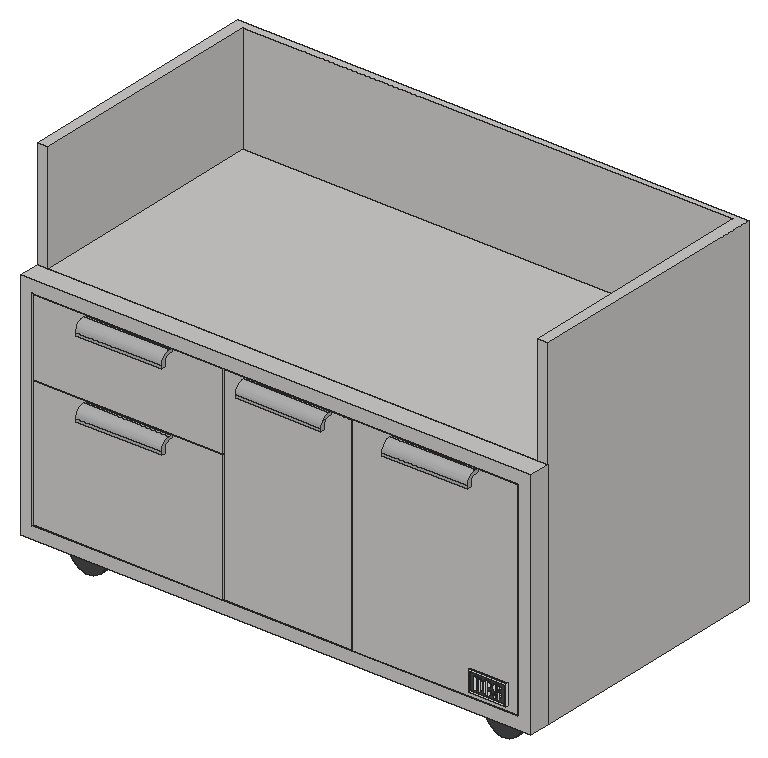
Revit family "DCS_Revit_18_CAD1-48E_Storage_593505A", category Specialty Equipment, Revit 2018
Family settings
  Round Connector Dimension = Use Diameter
  Part Type = Normal
  OmniClass Number = 23.40.40.14.17.21
  OmniClass Title = Grills
  Work Plane-Based = No
  Always vertical = Yes
  Cut with Voids When Loaded = Yes
  Shared = No
  Room Calculation Point = No
Parameters (values of type "CAD1-48E")
  Visibility - Clearance Required = yes
  URL = "www.dcsappliances.com"
  Product - Width = 1219 mm  # constant formula
  Product - Height = 902 mm  # constant formula
  Product - Depth = 678 mm  # constant formula
  Model = "CAD1-48E"
  Material - Handle = DCS - Aluminium
  Material - Body = DCS - Stainless Steel
  Manufacturer = "Fisher & Paykel"
  Keynote = ""
  Description = "48\" Professional Grill Cart"
  Connector Description - Gas = "Refer to the Grill installation guide/user guide for gas connection instructions"
  Connector Description - Electrical = "120 V, 15A, GFI (Ground Fault Interrupter)"
  Chassis - Width = 1219 mm  # constant formula
  Chassis - Height = 816 mm  # constant formula
  Chassis - Depth = 648 mm  # constant formula
Reference planes
  plane 1 "Center (Front/Back)": y = 0
  plane 2: z = 0
  plane 3 "Center (Left/Right)": x = 0
  plane 4 "Product LHS": x = -609.5
  plane 5 "Product RHS": x = 609.5
  plane 6 "Product - Depth": y = 648
  plane 7 "Product - Front": y = -30
  plane 8 "Product - Height": z = 902
  plane 9 "Chassis": z = 86
Forms (mm)
  Extrusion 1, solid, material "DCS - Stainless Steel" <- "Material - Body"
    sketch origin (0, 0, 0) x (1, 0, 0) y (0, 0, 1)
      loop
        line (-609.5, 642) -> (-609.5, 86) -> (609.5, 86) -> (609.5, 642) -> (-609.5, 642)
      loop
        line (580.9, 114.6) -> (580.9, 613.4) -> (-580.9, 613.4) -> (-580.9, 114.6) -> (580.9, 114.6)
      loop
        line (-577.7, 610.263) -> (-577.7, 429.263) -> (-125.7, 429.263) -> (-125.7, 610.263) -> (-577.7, 610.263)
      loop
        line (-577.7, 117.737) -> (-125.7, 117.737) -> (-125.7, 426.063) -> (-577.7, 426.063) -> (-577.7, 117.737)
      loop
        line (577.3, 117.737) -> (577.3, 610.263) -> (184.7, 610.263) -> (184.7, 117.737) -> (577.3, 117.737)
      loop
        line (-122.5, 610.263) -> (-122.5, 117.737) -> (181.5, 117.737) -> (181.5, 610.263) -> (-122.5, 610.263)
    from -51 to 0
  Extrusion 2, solid, material "DCS - Aluminium" <- "Material - Handle"
    sketch origin (0, 0, 0) x (0, 1, 0) y (0, 0, 1)
      loop
        arc (-6.134, 610.263) -> (-22.968, 603.705) -> (-30, 587.063) r 23.209
        line (-30, 587.063) -> (-30, 580.383) -> (-20.87, 580.383) -> (-20.87, 594.753)
        arc (-20.87, 594.753) -> (-14.896, 601.006) -> (-6.56, 603.308) r 16.245
        line (-6.56, 603.308) -> (0, 603.308) -> (0, 610.263) -> (-6.134, 610.263)
      loop
        arc (-6.134, 426.063) -> (-22.968, 419.505) -> (-30, 402.863) r 23.209
        line (-30, 402.863) -> (-30, 396.183) -> (-20.87, 396.183) -> (-20.87, 410.553)
        arc (-20.87, 410.553) -> (-14.896, 416.806) -> (-6.56, 419.108) r 16.245
        line (-6.56, 419.108) -> (0, 419.108) -> (0, 426.063) -> (-6.134, 426.063)
    from -452.8 to -248.8
  Extrusion 3, solid, material "DCS - Aluminium" <- "Material - Handle"
    sketch origin (0, 0, 0) x (0, 1, 0) y (0, 0, 1)
      loop
        arc (-6.134, 610.263) -> (-22.968, 603.705) -> (-30, 587.063) r 23.209
        line (-30, 587.063) -> (-30, 580.383) -> (-20.87, 580.383) -> (-20.87, 594.753)
        arc (-20.87, 594.753) -> (-14.896, 601.006) -> (-6.56, 603.308) r 16.245
        line (-6.56, 603.308) -> (0, 603.308) -> (0, 610.263) -> (-6.134, 610.263)
    from -72 to 132
  Extrusion 4, solid, material "DCS - Aluminium" <- "Material - Handle"
    sketch origin (0, 0, 0) x (0, 1, 0) y (0, 0, 1)
      loop
        arc (-6.134, 610.263) -> (-22.968, 603.705) -> (-30, 587.063) r 23.209
        line (-30, 587.063) -> (-30, 580.383) -> (-20.87, 580.383) -> (-20.87, 594.753)
        arc (-20.87, 594.753) -> (-14.896, 601.006) -> (-6.56, 603.308) r 16.245
        line (-6.56, 603.308) -> (0, 603.308) -> (0, 610.263) -> (-6.134, 610.263)
    from 277.8 to 481.8
  Extrusion 5, solid, material "DCS - Stainless Steel" <- "Material - Body"
    sketch origin (0, 0, 0) x (0, 1, 0) y (0, 0, 1)
      loop
        line (51, 86) -> (648, 86) -> (648, 902) -> (51, 902) -> (51, 86)
    from -609.5 to 609.5
  Extrusion 6, void
    sketch origin (0, 0, 0) x (1, 0, 0) y (0, 0, 1)
      loop
        line (-584.008, 902) -> (-584.008, 642) -> (584.008, 642) -> (584.008, 902) -> (-584.008, 902)
    from -633 to -51
  Extrusion 7, void
    sketch origin (0, 0, 0) x (1, 0, 0) y (0, 0, 1)
      loop
        circle (374.576, 311) r 25
    from -648 to -600
  Extrusion 8, solid, material "DCS - Black"
    sketch origin (0, 0, 0) x (1, 0, 0) y (0, 0, 1)
      loop
        circle (479.5, 45) r 45
      loop
        circle (-512.5, 45) r 45
    from -118.5 to -81.5
  Extrusion 9, solid, material "DCS - Black"
    sketch origin (0, 0, 0) x (1, 0, 0) y (0, 0, 1)
      loop
        circle (479.5, 45) r 45
      loop
        circle (-512.5, 45) r 45
    from -615 to -581.5
  Extrusion 10, solid, material "DCS - Stainless Steel" <- "Material - Body", detail levels fine
    sketch origin (0, 0, 0) x (1, 0, 0) y (0, 0, 1)
      loop
        line (-534.49, 86) -> (-534.49, 64.3) -> (-522.833, 39.838)
        arc (-522.833, 39.838) -> (-512, 33) -> (-501.167, 39.838) r 12
        line (-501.167, 39.838) -> (-489.49, 64.3) -> (-489.49, 86) -> (-534.49, 86)
      loop
        line (472.5, 86) -> (472.5, 45)
        arc (472.5, 45) -> (478.094, 37.37) -> (487.053, 40.411) r 8
        line (487.053, 40.411) -> (518.975, 86) -> (472.5, 86)
    from -126 to -76
  Extrusion 11, solid, material "DCS - Stainless Steel" <- "Material - Body", detail levels fine
    sketch origin (0, 0, 0) x (1, 0, 0) y (0, 0, 1)
      loop
        line (-534.49, 86) -> (-534.49, 64.3) -> (-522.833, 39.838)
        arc (-522.833, 39.838) -> (-512, 33) -> (-501.167, 39.838) r 12
        line (-501.167, 39.838) -> (-489.49, 64.3) -> (-489.49, 86) -> (-534.49, 86)
      loop
        line (472.5, 86) -> (472.5, 45)
        arc (472.5, 45) -> (478.094, 37.37) -> (487.053, 40.411) r 8
        line (487.053, 40.411) -> (518.975, 86) -> (472.5, 86)
    from -620.5 to -576
  Extrusion 12, solid, material "DCS - Clearance Required", visible <- "Visibility - Clearance Required", detail levels coarse
    sketch origin (0, 0, 0) x (0, 1, 0) y (0, 0, 1)
      loop
        line (-470, 587.063) -> (-470, 580.383) -> (-440, 580.383) -> (-440, 426.063) -> (-447.447, 426.063)
        arc (-447.447, 426.063) -> (-463.433, 419.041) -> (-470, 402.863) r 23.209
        line (-470, 402.863) -> (-470, 396.183) -> (-440, 396.183) -> (-440, 117.737) -> (0, 117.737) -> (0, 610.273) -> (-440, 610.273) -> (-446.791, 610.273)
        arc (-446.791, 610.273) -> (-463.202, 603.475) -> (-470, 587.063) r 23.209
    from -577.7 to 577.3
Cuts and joins
  Extrusion 6, Extrusion 7 cuts Extrusion 1
  Extrusion 6, Extrusion 7 cuts Extrusion 5
Text (mm)
  text "Due to ongoing product development, product details are subject to change without notice. \nPlease always refer to www.fisherpaykel.com for the most current product information. \n© Fisher & Paykel Appliances Ltd 2020" at (40.13, -167.118, 0), in view "Ref. Level (Plan)"
Dimensions and locks
  "Product - Width": plane 4 "Product LHS" to plane 5 "Product RHS"
  "Product - Height": level to plane 8 "Product - Height"
  equal spacing: cut or joined group of Extrusion 5, Extrusion 6, Extrusion 7, plane 3 "Center (Left/Right)", cut or joined group of Extrusion 5, Extrusion 6, Extrusion 7
  plane 7 "Product - Front" to plane 1 "Center (Front/Back)" = 30 mm
  "Product - Depth": plane 6 "Product - Depth" to plane 7 "Product - Front"
  locked: plane 1 "Center (Front/Back)" to cut or joined group of Extrusion 5, Extrusion 6, Extrusion 7 at 51
  "Chassis - Depth": plane 6 "Product - Depth" to plane 1 "Center (Front/Back)"
  "Chassis - Height": plane 9 "Chassis" to plane 8 "Product - Height"
  Extrusion 11 to Extrusion 11 = 45 mm
  equal spacing: plane 4 "Product LHS", plane 3 "Center (Left/Right)", plane 5 "Product RHS"
  cut or joined group of Extrusion 1, Extrusion 6, Extrusion 7 to cut or joined group of Extrusion 1, Extrusion 6, Extrusion 7 = 452 mm
  cut or joined group of Extrusion 1, Extrusion 6, Extrusion 7 to cut or joined group of Extrusion 1, Extrusion 6, Extrusion 7 = 392.6 mm
  cut or joined group of Extrusion 1, Extrusion 6, Extrusion 7 to plane 5 "Product RHS" = 32.2 mm
  plane 4 "Product LHS" to cut or joined group of Extrusion 1, Extrusion 6, Extrusion 7 = 28.6 mm
  aligned and locked: level to plane 2
  aligned and locked: Extrusion 5 sketch curve to plane 6 "Product - Depth"
  aligned and locked: plane 8 "Product - Height" to Extrusion 5 sketch curve
  aligned and locked: plane 4 "Product LHS" to Extrusion 5
  aligned and locked: Extrusion 5 to plane 5 "Product RHS"
  aligned and locked: Extrusion 1 sketch curve to plane 4 "Product LHS"
  aligned and locked: plane 6 "Product - Depth" to Extrusion 7
  aligned and locked: cut or joined group of Extrusion 1, Extrusion 6, Extrusion 7 to Extrusion 5
  aligned and locked: Extrusion 5 to cut or joined group of Extrusion 1, Extrusion 6, Extrusion 7
  aligned and locked: plane 4 "Product LHS" to Extrusion 1
  aligned and locked: Extrusion 1 to plane 5 "Product RHS"
Automatic sketch dimensions
  plane 5 "Product RHS" to Extrusion 1 sketch curve = 0 mm
  Extrusion 1 sketch curve to plane 9 "Chassis" = 0 mm
  Extrusion 1 sketch curve to plane 4 "Product LHS" = 28.6 mm
  Extrusion 1 sketch curve to Extrusion 1 sketch curve = 3.2 mm  (x4)
  Extrusion 1 sketch curve to Extrusion 1 sketch curve = 0 mm  (x4)
  Extrusion 1 sketch curve to plane 3 "Center (Left/Right)" = 125.7 mm  (x2)
  Extrusion 1 sketch curve to plane 9 "Chassis" = 31.737 mm  (x2)
  plane 3 "Center (Left/Right)" to Extrusion 1 sketch curve = 181.5 mm
  plane 5 "Product RHS" to Extrusion 1 sketch curve = 32.2 mm
  Extrusion 1 sketch curve to Extrusion 1 sketch curve = 3.6 mm
  Extrusion 1 sketch curve to Extrusion 1 sketch curve = 3.137 mm  (x2)
  Extrusion 1 sketch curve to Extrusion 1 sketch curve = 308.326 mm
  Extrusion 1 sketch curve to Extrusion 1 sketch curve = 181 mm
  Extrusion 1 sketch curve to Extrusion 1 sketch curve = 28.6 mm
  Extrusion 2 sketch curve to plane 1 "Center (Front/Back)" = 0 mm  (x2)
  plane 1 "Center (Front/Back)" to Extrusion 2 sketch curve = 6.134 mm  (x2)
  plane 1 "Center (Front/Back)" to Extrusion 2 sketch curve = 6.791 mm  (x2)
  plane 1 "Center (Front/Back)" to Extrusion 2 sketch curve = 6.56 mm  (x2)
  plane 7 "Product - Front" to Extrusion 2 sketch curve = 9.13 mm  (x2)
  plane 7 "Product - Front" to Extrusion 2 sketch curve = 0 mm  (x2)
  Extrusion 2 sketch curve to plane 9 "Chassis" = 310.183 mm
  Extrusion 2 sketch curve to Extrusion 2 sketch curve = 6.681 mm  (x2)
  Extrusion 2 sketch curve to Extrusion 2 sketch curve = 0 mm  (x2)
  Extrusion 2 sketch curve to Extrusion 2 sketch curve = 7.689 mm  (x2)
  Extrusion 2 sketch curve to Extrusion 2 sketch curve = 154.32 mm
  Extrusion 3 sketch curve to plane 1 "Center (Front/Back)" = 0 mm
  plane 1 "Center (Front/Back)" to Extrusion 3 sketch curve = 6.134 mm
  plane 1 "Center (Front/Back)" to Extrusion 3 sketch curve = 6.791 mm
  plane 1 "Center (Front/Back)" to Extrusion 3 sketch curve = 6.56 mm
  plane 7 "Product - Front" to Extrusion 3 sketch curve = 9.13 mm
  plane 7 "Product - Front" to Extrusion 3 sketch curve = 0 mm
  plane 8 "Product - Height" to Extrusion 3 sketch curve = 321.617 mm
  Extrusion 3 sketch curve to Extrusion 3 sketch curve = 6.681 mm
  Extrusion 3 sketch curve to Extrusion 3 sketch curve = 0 mm
  Extrusion 3 sketch curve to Extrusion 3 sketch curve = 7.689 mm
  Extrusion 4 sketch curve to plane 1 "Center (Front/Back)" = 0 mm
  plane 1 "Center (Front/Back)" to Extrusion 4 sketch curve = 6.134 mm
  plane 1 "Center (Front/Back)" to Extrusion 4 sketch curve = 6.791 mm
  plane 1 "Center (Front/Back)" to Extrusion 4 sketch curve = 6.56 mm
  plane 7 "Product - Front" to Extrusion 4 sketch curve = 9.13 mm
  plane 7 "Product - Front" to Extrusion 4 sketch curve = 0 mm
  plane 8 "Product - Height" to Extrusion 4 sketch curve = 321.617 mm
  Extrusion 4 sketch curve to Extrusion 4 sketch curve = 6.681 mm
  Extrusion 4 sketch curve to Extrusion 4 sketch curve = 0 mm
  Extrusion 4 sketch curve to Extrusion 4 sketch curve = 7.689 mm
  plane 9 "Chassis" to Extrusion 5 sketch curve = 0 mm
  Extrusion 5 sketch curve to plane 1 "Center (Front/Back)" = 51 mm
  Extrusion 6 sketch curve to plane 8 "Product - Height" = 0 mm
  Extrusion 6 sketch curve to plane 4 "Product LHS" = 25.492 mm
  plane 5 "Product RHS" to Extrusion 6 sketch curve = 25.492 mm
  plane 8 "Product - Height" to Extrusion 6 sketch curve = 260 mm
  plane 5 "Product RHS" to Extrusion 7 sketch curve = 234.924 mm
  Extrusion 7 sketch curve to plane 9 "Chassis" = 225 mm
  plane 9 "Chassis" to Extrusion 8 sketch curve = 41 mm  (x2)
  plane 9 "Chassis" to Extrusion 9 sketch curve = 41 mm  (x2)
  Extrusion 9 sketch curve to plane 4 "Product LHS" = 97 mm
  plane 5 "Product RHS" to Extrusion 9 sketch curve = 130 mm
  Extrusion 10 sketch curve to plane 9 "Chassis" = 0 mm  (x2)
  plane 9 "Chassis" to Extrusion 10 sketch curve = 21.7 mm  (x2)
  Extrusion 10 sketch curve to plane 4 "Product LHS" = 75.01 mm
  level to Extrusion 10 sketch curve = 39.838 mm  (x2)
  Extrusion 10 sketch curve to Extrusion 10 sketch curve = 11.657 mm
  Extrusion 10 sketch curve to Extrusion 10 sketch curve = 10.833 mm
  Extrusion 10 sketch curve to Extrusion 10 sketch curve = 11.677 mm
  plane 5 "Product RHS" to Extrusion 10 sketch curve = 137 mm
  Extrusion 10 sketch curve to Extrusion 10 sketch curve = 8 mm
  level to Extrusion 10 sketch curve = 40.411 mm
  Extrusion 10 sketch curve to Extrusion 10 sketch curve = 6.553 mm
  Extrusion 10 sketch curve to Extrusion 10 sketch curve = 46.475 mm
  Extrusion 10 sketch curve to Extrusion 10 sketch curve = 5.162 mm
  Extrusion 11 sketch curve to plane 9 "Chassis" = 0 mm  (x2)
  plane 9 "Chassis" to Extrusion 11 sketch curve = 21.7 mm  (x2)
  Extrusion 11 sketch curve to plane 4 "Product LHS" = 75.01 mm
  level to Extrusion 11 sketch curve = 39.838 mm  (x2)
  Extrusion 11 sketch curve to Extrusion 11 sketch curve = 11.657 mm
  Extrusion 11 sketch curve to Extrusion 11 sketch curve = 10.833 mm
  Extrusion 11 sketch curve to Extrusion 11 sketch curve = 11.677 mm
  plane 5 "Product RHS" to Extrusion 11 sketch curve = 137 mm
  Extrusion 11 sketch curve to Extrusion 11 sketch curve = 8 mm
  level to Extrusion 11 sketch curve = 40.411 mm
  Extrusion 11 sketch curve to Extrusion 11 sketch curve = 6.553 mm
  Extrusion 11 sketch curve to Extrusion 11 sketch curve = 46.475 mm
  Extrusion 11 sketch curve to Extrusion 11 sketch curve = 5.162 mm
  plane 5 "Product RHS" to Extrusion 8 sketch curve = 130 mm
  Extrusion 8 sketch curve to plane 4 "Product LHS" = 97 mm
  Extrusion 12 sketch curve to plane 7 "Product - Front" = 410 mm
  Extrusion 12 sketch curve to Extrusion 12 sketch curve = 0 mm  (x2)
  Extrusion 12 sketch curve to Extrusion 12 sketch curve = 6.791 mm  (x2)
  Extrusion 12 sketch curve to Extrusion 12 sketch curve = 7.447 mm
  Extrusion 12 sketch curve to Extrusion 12 sketch curve = 23.209 mm  (x2)
  Extrusion 12 sketch curve to Extrusion 12 sketch curve = 6.681 mm  (x2)
  Extrusion 12 sketch curve to Extrusion 12 sketch curve = 154.32 mm
  Extrusion 12 sketch curve to plane 1 "Center (Front/Back)" = 0 mm
  Extrusion 12 sketch curve to plane 9 "Chassis" = 31.737 mm
  plane 8 "Product - Height" to Extrusion 12 sketch curve = 291.727 mm
  radius of Extrusion 7 sketch curve = 25 mm
  radius of Extrusion 8 sketch curve = 45 mm  (x2)
  radius of Extrusion 9 sketch curve = 45 mm  (x2)
Nested families
  nested 1: "DCS Logo New Large" at (509.51, 0, 154.07), type "DCS Logo New Large"
Connectors
  electrical at (374.576, 648, 311), driven by "Connector Description - Electrical"
    settings: on cut or joined group of Extrusion 5, Extrusion 6, Extrusion 7, index 1, voltage 120 V, apparent load 0 VA, apparent load phase1 0 VA, apparent load phase2 0 VA, apparent load phase3 0 VA, power factor 1, load classification "Other", number of poles 1, system type 30, power factor state 1, is connector primary yes, connector utility no, sub classification motor no, connector description "120 V, 15A, GFI (Ground Fault Interrupter)"
  piping at (374.576, 648, 311), diameter 21, driven by "Connector Description - Gas"
    settings: on cut or joined group of Extrusion 5, Extrusion 6, Extrusion 7, index 2, connector inside diameter 609.6 mm, connector length 0 mm, flow factor 0, pipe flow 0.0 L/s, pressure drop 0.0 Pa, fitting loss kfactor 0, connector angle 0.00°, fixture units 0, engagement length 0 mm, angle of deflection 0.00°, flow configuration 0, flow direction 1, fitting loss method 0, system type 22, joint type 0, gender type 0, connector reference index -1, connector utility 0, adjustable connector no, is connector primary yes, connector description "Refer to the Grill installation guide/user guide for gas connection instructions"
Definition of nested family "DCS Logo New Large"
  Parameters (values of type "DCS Logo New Large")
    URL = "www.dcsappliances.com"
    Product - Width = 89.45 mm
    Product - Height = 49 mm
    Product - Depth = 6 mm
    Material - Logo = none
    Material - Body = none
    Manufacturer = "Fisher & Paykel Appliances"
  Reference planes
    plane 1 "Center (Front/Back)": y = 0
    plane 2: z = 0
    plane 3 "Center (Left/Right)": x = 0
    plane 4 "Product Top": z = 24.5
    plane 5 "Product LHS": x = -44.725
    plane 6 "Product RHS": x = 44.725
    plane 7 "Product - Depth": y = -6
    plane 8 "Product Bottom": z = -24.5
  Forms (mm)
    Extrusion 1, solid, material <- "Material - Logo", detail levels medium+fine
      sketch origin (0, 0, -0.347) x (1, 0, 0) y (0, 0, 1)
        loop
          line (-44.725, 24.847) -> (-44.725, -24.153) -> (44.725, -24.153) -> (44.725, 24.847) -> (-44.725, 24.847)
        loop
          line (-41.725, 21.847) -> (-41.725, -21.153) -> (41.725, -21.153) -> (41.725, 21.847) -> (-41.725, 21.847)
      from 0 to 6
    Extrusion 2, solid, material <- "Material - Body", detail levels medium+fine
      sketch origin (0, 0, 0) x (1, 0, 0) y (0, 0, 1)
        loop
          line (-41.725, 21.5) -> (-41.725, -21.5) -> (41.725, -21.5) -> (41.725, 21.5) -> (-41.725, 21.5)
      from 0 to 4.974
    Extrusion 3, solid, material <- "Material - Logo", detail levels fine
      sketch origin (0, 0, 0) x (1, 0, 0) y (0, 0, 1)
        loop
          line (-31.141, 15.364) -> (-31.141, -15.364) -> (-25.323, -15.364) -> (-25.323, 15.364) -> (-31.141, 15.364)
        loop
          arc (-20.07, -15.416) -> (-15.93, -13.415) -> (-14.252, -9.134) r 6.301
          line (-14.252, -9.134) -> (-14.252, 9.134)
          arc (-14.252, 9.134) -> (-15.93, 13.414) -> (-20.07, 15.412) r 6.296
          line (-20.07, 15.412) -> (-20.07, -15.416)
        loop
          arc (-8.445, -9.134) -> (-6.767, -13.414) -> (-2.627, -15.412) r 6.296
          line (-2.627, -15.412) -> (-2.627, 15.416)
          arc (-2.627, 15.416) -> (-6.767, 13.415) -> (-8.445, 9.134) r 6.301
          line (-8.445, 9.134) -> (-8.445, -9.134)
        loop
          arc (2.627, -15.377) -> (6.765, -13.401) -> (8.445, -9.134) r 6.259
          line (8.445, -9.134) -> (8.445, -4.011) -> (2.627, -4.011) -> (2.627, -15.377)
        loop
          arc (8.445, 9.134) -> (6.767, 13.414) -> (2.627, 15.412) r 6.296
          line (2.627, 15.412) -> (2.627, 4.011) -> (8.445, 4.011) -> (8.445, 9.134)
        loop
          line (20.07, -2.527) -> (20.07, 15.375)
          arc (20.07, 15.375) -> (15.932, 13.4) -> (14.252, 9.134) r 6.257
          line (14.252, 9.134) -> (14.252, 4.145)
          arc (14.252, 4.145) -> (16.005, -0.199) -> (20.07, -2.527) r 7.155
        loop
          line (14.252, -6.875) -> (14.252, -9.134)
          arc (14.252, -9.134) -> (15.93, -13.414) -> (20.07, -15.412) r 6.296
          line (20.07, -15.412) -> (20.07, -6.875) -> (14.252, -6.875)
        loop
          line (25.323, 2.499) -> (25.323, -15.378)
          arc (25.323, -15.378) -> (29.461, -13.401) -> (31.141, -9.134) r 6.259
          line (31.141, -9.134) -> (31.141, -4.145)
          arc (31.141, -4.145) -> (29.481, 0.271) -> (25.323, 2.499) r 6.702
        loop
          line (25.323, 6.875) -> (31.141, 6.875) -> (31.141, 9.134)
          arc (31.141, 9.134) -> (29.464, 13.419) -> (25.323, 15.427) r 6.313
          line (25.323, 15.427) -> (25.323, 6.875)
      from 4.974 to 6
  Dimensions and locks
    plane 7 "Product - Depth" to plane 1 "Center (Front/Back)" = 6 mm
    equal spacing: Extrusion 1 sketch curve, plane 3 "Center (Left/Right)", Extrusion 1 sketch curve
    "Product - Depth": plane 7 "Product - Depth" to plane 1 "Center (Front/Back)"
    equal spacing: plane 4 "Product Top", level, plane 8 "Product Bottom"
    "Product - Height": plane 4 "Product Top" to plane 8 "Product Bottom"
    equal spacing: plane 5 "Product LHS", plane 3 "Center (Left/Right)", plane 6 "Product RHS"
    "Product - Width": plane 5 "Product LHS" to plane 6 "Product RHS"
    aligned and locked: level to plane 2
    aligned and locked: Extrusion 1 to plane 7 "Product - Depth"
    aligned and locked: Extrusion 3 to plane 7 "Product - Depth"
    aligned and locked: plane 6 "Product RHS" to Extrusion 1 sketch curve
    aligned and locked: Extrusion 1 sketch curve to plane 4 "Product Top"
    aligned and locked: plane 8 "Product Bottom" to Extrusion 1 sketch curve
    aligned and locked: Extrusion 1 sketch curve to plane 5 "Product LHS"
    aligned and locked: Extrusion 2 sketch curve to Extrusion 1  (x4)
  Automatic sketch dimensions
    Extrusion 3 sketch curve to plane 5 "Product LHS" = 13.584 mm
    Extrusion 3 sketch curve to Extrusion 3 sketch curve = 5.818 mm  (x5)
    Extrusion 3 sketch curve to Extrusion 3 sketch curve = 4.771 mm
    Extrusion 3 sketch curve to Extrusion 3 sketch curve = 4.775 mm
    Extrusion 3 sketch curve to Extrusion 3 sketch curve = 6.296 mm
    Extrusion 3 sketch curve to Extrusion 3 sketch curve = 5.807 mm  (x3)
    Extrusion 3 sketch curve to plane 3 "Center (Left/Right)" = 2.627 mm
    Extrusion 3 sketch curve to plane 3 "Center (Left/Right)" = 2.149 mm
    Extrusion 3 sketch curve to plane 3 "Center (Left/Right)" = 2.144 mm
    plane 3 "Center (Left/Right)" to Extrusion 3 sketch curve = 2.148 mm
    plane 3 "Center (Left/Right)" to Extrusion 3 sketch curve = 2.186 mm
    plane 3 "Center (Left/Right)" to Extrusion 3 sketch curve = 2.627 mm  (x2)
    Extrusion 3 sketch curve to level = 2.527 mm
    Extrusion 3 sketch curve to Extrusion 3 sketch curve = 0 mm  (x3)
    Extrusion 3 sketch curve to Extrusion 3 sketch curve = 0.439 mm
    Extrusion 3 sketch curve to Extrusion 3 sketch curve = 0.478 mm
    level to Extrusion 3 sketch curve = 4.504 mm
    Extrusion 3 sketch curve to Extrusion 3 sketch curve = 0.889 mm
    Extrusion 3 sketch curve to Extrusion 3 sketch curve = 4.369 mm
    Extrusion 3 sketch curve to Extrusion 3 sketch curve = 4.32 mm
    Extrusion 3 sketch curve to Extrusion 3 sketch curve = 4.334 mm
    Extrusion 3 sketch curve to Extrusion 3 sketch curve = 5.254 mm  (x3)
    Extrusion 3 sketch curve to Extrusion 3 sketch curve = 6.702 mm
    Extrusion 3 sketch curve to level = 4.011 mm
    Extrusion 3 sketch curve to level = 4.145 mm
    Extrusion 3 sketch curve to Extrusion 3 sketch curve = 2.865 mm
    Extrusion 3 sketch curve to Extrusion 3 sketch curve = 4.989 mm
    Extrusion 3 sketch curve to Extrusion 3 sketch curve = 5.123 mm  (x2)
    Extrusion 3 sketch curve to Extrusion 3 sketch curve = 2.259 mm  (x2)
    Extrusion 3 sketch curve to level = 9.134 mm
    Extrusion 3 sketch curve to Extrusion 3 sketch curve = 6.23 mm  (x2)
    level to Extrusion 3 sketch curve = 4.011 mm
    level to Extrusion 3 sketch curve = 6.875 mm
    level to Extrusion 3 sketch curve = 9.134 mm
    Extrusion 3 sketch curve to Extrusion 3 sketch curve = 4.63 mm
    Extrusion 1 sketch curve to plane 5 "Product LHS" = 3 mm
    Extrusion 1 sketch curve to plane 4 "Product Top" = 3 mm
    plane 8 "Product Bottom" to Extrusion 1 sketch curve = 3 mm
